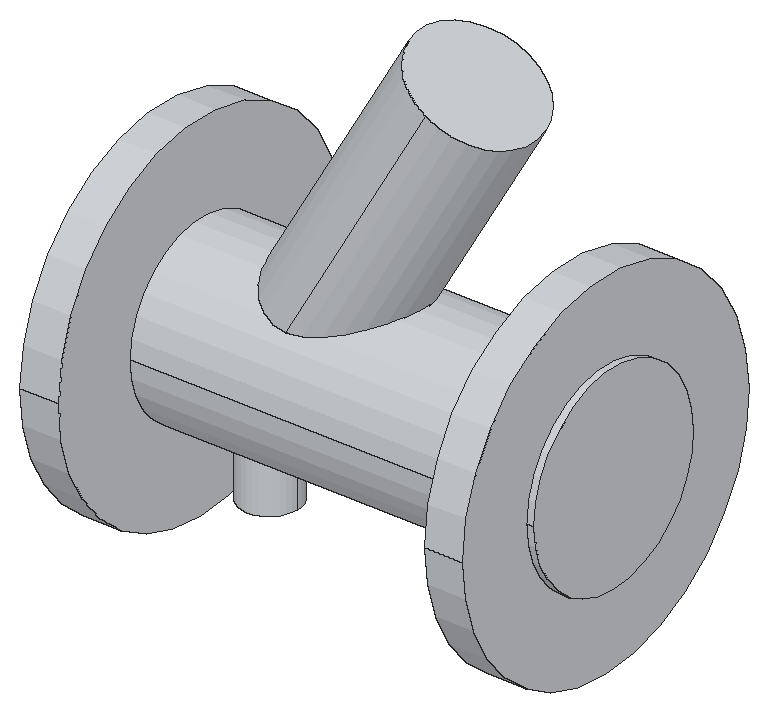
Revit family "HS 821-síto_jemné-PN40-DN032-RFA_2019", category Pipe Accessories, Revit 2019
Family settings
  Round Connector Dimension = Use Diameter
  Part Type = Breaks Into
  Work Plane-Based = No
  Always vertical = Yes
  Cut with Voids When Loaded = No
  Shared = No
Parameters (values of type "821F-DN032-PN40-síto_jemné")
  magiProductId = "165e7f39cf744f329bdf1c400dad12"
  magiProductFamilyId = "79214ac3aaa945e397802f559f5c1e"
  magiPartTypeId = 307
  isMeasuringValve [instance] = no
  ang2D [instance] = 0.00°
  ZB__ve = -ZB  # -23 mm
  ZB1 = 31.59 mm
  ZB = 23 mm
  X2 = 68.849 mm
  X1 = 25.2 mm
  W2D = 15 mm
  VersionID = "2.0/2017.9.26.1/ZETKAMA_821_001"
  Use Minimum Symbol Size [instance] = yes
  URL = "www.hydronic.cz"
  Type Comments = "Filtr přírubový; síto jemné; A-PN16 (-10~300°C); D-PN25 (-10~350°C); F-PN40 (-10~400°C)"
  S = 78 mm
  QmdConnectorList = "301;D;302;D"
  Productdata [instance] = ""
  Manufacturer = "Hydronic Systems Prague s.r.o."
  MC Product Code = "250 632 (821F; DN032; PN40; kvs23,1; oko síta 0,63mm)"
  LM1 = 14.4 mm
  LM = 144 mm
  L4 = 45 mm
  L2D_Min = 3048 mm
  L2D = 130 mm
  L2 = 90 mm
  HH2 = 119.25 mm
  FD = 140 mm
  Description = "Filtr přírubový; síto jemné; 821A-PN16; 821D-PN25; 821F-PN40"
  DM1 = 50.4 mm
  DM = 70.2 mm
  D = 32 mm
  CC = 3.06 mm
  CAT0 = yes
  C1 = 14.94 mm
  C = 18 mm
  BD = 22.113 mm
Types (40, lengths in mm): name | magiProductId | ZB__ve | ZB1 | ZB | X2 | X1 | S | MC Product Code | LM1 | LM | L4 | L2 | HH2 | FD | DM1 | DM | D | CC | C1 | C | BD
  821A-DN015-PN16-síto_jemné | "a71bcfe8b393460598b23e8ddf7dc5" | -16.25 | 18.63 | 16.25 | 46.982 | 18.2 | 46 | "210 115 (821A; DN015; PN16; kvs6,2; oko síta 0,63mm)" | 10.4 | 104 | 32.5 | 65 | 81.375 | 95 | 27.6 | 41.4 | 15 | 2.21 | 10.79 | 13 | 13.041
  821A-DN020-PN16-síto_jemné | "41cd6c7a12924f4991217528336076" | -17.75 | 22.68 | 17.75 | 51.673 | 21 | 56 | "210 120 (821A; DN020; PN16; kvs9,6; oko síta 0,63mm)" | 12 | 120 | 37.5 | 75 | 89.5 | 105 | 33.6 | 50.4 | 20 | 2.55 | 12.45 | 15 | 15.876
  821A-DN025-PN16-síto_jemné | "be378b463ed14c3abf4c9b3ae8cf3a" | -19.25 | 26.325 | 19.25 | 58.601 | 22.4 | 65 | "210 125 (821A; DN025; PN16; kvs14,2; oko síta 0,63mm)" | 12.8 | 128 | 40 | 80 | 101.5 | 115 | 43.2 | 58.5 | 25 | 2.72 | 13.28 | 16 | 18.427
  821A-DN032-PN16-síto_jemné | "227a0d18b21540afabe8b6067d35fa" | -23 | 30.78 | 23 | 68.849 | 25.2 | 76 | "210 132 (821A; DN032; PN16; kvs23,1; oko síta 0,63mm)" | 14.4 | 144 | 45 | 90 | 119.25 | 140 | 50.4 | 68.4 | 32 | 3.06 | 14.94 | 18 | 21.546
  821A-DN040-PN16-síto_jemné | "d106917c74724141a10440112d0102" | -24.5 | 34.02 | 24.5 | 75.777 | 28 | 84 | "210 140 (821A; DN040; PN16; kvs36,6; oko síta 0,63mm)" | 16 | 160 | 50 | 100 | 131.25 | 150 | 60 | 75.6 | 40 | 3.4 | 16.6 | 20 | 23.814
  821A-DN050-PN16-síto_jemné | "8255d456a09e4f6486734f5dd9171b" | -26.75 | 40.095 | 26.75 | 79.061 | 32.2 | 99 | "210 150 (821A; DN050 PN16; kvs53,7; oko síta 0,63mm)" | 18.4 | 184 | 57.5 | 115 | 136.938 | 165 | 73.8 | 89.1 | 50 | 3.91 | 19.09 | 23 | 28.066
  821A-DN065-PN16-síto_jemné | "235b1b3e4c0843779a4d5e3716d40a" | -29.75 | 47.79 | 29.75 | 86.927 | 40.6 | 118 | "210 165 (821A; DN065; PN16; kvs95,1; oko síta 0,63mm)" | 23.2 | 232 | 72.5 | 145 | 150.562 | 185 | 94.2 | 106.2 | 65 | 4.93 | 24.07 | 29 | 33.453
  821A-DN080-PN16-síto_jemné | "a067f7c5236348ed8c820d16df7214" | -32 | 53.46 | 32 | 104.753 | 43.4 | 132 | "210 180 (821A; DN080; PN16; kvs137,1; oko síta 0,63mm)" | 24.8 | 248 | 77.5 | 155 | 181.438 | 200 | 107.4 | 118.8 | 80 | 5.27 | 25.73 | 31 | 37.422
  821A-DN100-PN16-síto_jemné | "c49a648c2747461285837d643703cd" | -35 | 63.18 | 35 | 114.857 | 49 | 156 | "210 190 (821A; DN100; PN16; kvs206,4; oko síta 0,63mm)" | 28 | 280 | 87.5 | 175 | 198.937 | 220 | 131.4 | 140.4 | 100 | 5.95 | 29.05 | 35 | 44.226
  821A-DN125-PN16-síto_jemné | "bf68e728a163493cbd2a663b26ebdc" | -39.5 | 74.52 | 39.5 | 131.888 | 56 | 184 | "210 191 (821A; DN125; PN16; kvs268,8; oko síta 0,63mm)" | 32 | 320 | 100 | 200 | 228.438 | 250 | 165 | 165.6 | 125 | 6.8 | 33.2 | 40 | 52.164
  821A-DN150-PN16-síto_jemné | "2de770284b654863ae6bc865769dc5" | -44.75 | 85.455 | 44.75 | 155.885 | 67.2 | 211 | "210 192 (821A; DN150; PN16; kvs401,4; oko síta 0,63mm)" | 38.4 | 384 | 120 | 240 | 270 | 285 | 192 | 189.9 | 150 | 8.16 | 39.84 | 48 | 59.818
  821A-DN200-PN16-síto_jemné | "8e5693371ab64aabb29a7f08c76e15" | -53 | 107.73 | 53 | 188.361 | 84 | 266 | "210 193 (821A; DN200; PN16; kvs706,7; oko síta 0,63mm)" | 48 | 480 | 150 | 300 | 326.25 | 340 | 252 | 239.4 | 200 | 10.2 | 49.8 | 60 | 75.411
  821A-DN250-PN16-síto_jemné | "05e37ed948c34047acdd4c42556504" | -62.75 | 129.195 | 62.75 | 255.911 | 102.2 | 319 | "210 194 (821A; DN250; PN16; kvs1229,4; oko síta 0,63mm)" | 58.4 | 584 | 182.5 | 365 | 443.25 | 405 | 309.6 | 287.1 | 250 | 12.41 | 60.59 | 73 | 90.436
  821A-DN300-PN16-síto_jemné | "9ad0af747269428da925480d83ce80" | -71 | 149.85 | 71 | 325.914 | 119 | 370 | "210 195 (821A; DN300; PN16; kvs1902,4; oko síta 0,63mm)" | 68 | 680 | 212.5 | 425 | 564.5 | 460 | 369.6 | 333 | 300 | 14.45 | 70.55 | 85 | 104.895
  821A-DN350-PN16-síto_jemné | "eebc71459bb3451bb4355e7951370a" | -80 | 173.745 | 80 | 356.875 | 137.2 | 429 | "200 196 (821A; DN350; PN16; kvs2611,0; oko síta 0,63mm)" | 78.4 | 784 | 245 | 490 | 618.125 | 520 | 438 | 386.1 | 350 | 16.66 | 81.34 | 98 | 121.621
  821A-DN400-PN16-síto_jemné | "d2f677cb196647e385b2590e7d8abe" | -89 | 194.4 | 89 | 392.237 | 154 | 480 | "210 197 (821A; DN400; PN16; kvs3438,4; oko síta 0,63mm)" | 88 | 880 | 275 | 550 | 679.375 | 580 | 498 | 432 | 400 | 18.7 | 91.3 | 110 | 136.08
  821D-DN015-PN25-síto_jemné | "27ddcbf555414f8ca1fde329bf9087" | -16.25 | 18.63 | 16.25 | 46.982 | 18.2 | 46 | "210 215 (821D; DN015; PN25; kvs6,2; oko síta 0,63mm)" | 10.4 | 104 | 32.5 | 65 | 81.375 | 95 | 27.6 | 41.4 | 15 | 2.21 | 10.79 | 13 | 13.041
  821D-DN020-PN25-síto_jemné | "270e0f14012f47189cd0235c18faee" | -17.75 | 22.68 | 17.75 | 51.673 | 21 | 56 | "210 220 (821D; DN020; PN25; kvs9,6; oko síta 0,63mm)" | 12 | 120 | 37.5 | 75 | 89.5 | 105 | 33.6 | 50.4 | 20 | 2.55 | 12.45 | 15 | 15.876
  821D-DN025-PN25-síto_jemné | "b9a7fb4aa36643878c637d8e1ab992" | -19.25 | 26.325 | 19.25 | 58.601 | 22.4 | 65 | "210 225 (821D; DN025; PN25; kvs14,2; oko síta 0,63mm)" | 12.8 | 128 | 40 | 80 | 101.5 | 115 | 43.2 | 58.5 | 25 | 2.72 | 13.28 | 16 | 18.427
  821D-DN032-PN25-síto_jemné | "6be9a55c4e68400f94eec7e804204c" | -23 | 30.78 | 23 | 68.849 | 25.2 | 76 | "210 232 (821D; DN032; PN25; kvs23,1; oko síta 0,63mm)" | 14.4 | 144 | 45 | 90 | 119.25 | 140 | 50.4 | 68.4 | 32 | 3.06 | 14.94 | 18 | 21.546
  821D-DN040-PN25-síto_jemné | "c54511bd7f584ec2984291479612cb" | -24.5 | 34.02 | 24.5 | 75.777 | 28 | 84 | "210 240 (821D; DN040; PN25; kvs36,6; oko síta 0,63mm)" | 16 | 160 | 50 | 100 | 131.25 | 150 | 60 | 75.6 | 40 | 3.4 | 16.6 | 20 | 23.814
  821D-DN050-PN25-síto_jemné | "5483b1f596b04cd39b23a14a22c90e" | -26.75 | 40.095 | 26.75 | 79.061 | 32.2 | 99 | "210 250 (821D; DN050; PN25; kvs53,7; oko síta 0,63mm)" | 18.4 | 184 | 57.5 | 115 | 136.938 | 165 | 73.8 | 89.1 | 50 | 3.91 | 19.09 | 23 | 28.066
  821D-DN065-PN25-síto_jemné | "767b0f8318e94750bc7a9930ed5b30" | -29.75 | 47.79 | 29.75 | 86.927 | 40.6 | 118 | "210 265 (821D; DN065; PN25; kvs95,1; oko síta 0,63mm)" | 23.2 | 232 | 72.5 | 145 | 150.562 | 185 | 94.2 | 106.2 | 65 | 4.93 | 24.07 | 29 | 33.453
  821D-DN080-PN25-síto_jemné | "e21040fa3cc2404b858198f6b73709" | -32 | 53.46 | 32 | 104.753 | 43.4 | 132 | "210 280 (821D; DN080; PN25; kvs137,1; oko síta 0,63mm)" | 24.8 | 248 | 77.5 | 155 | 181.438 | 200 | 107.4 | 118.8 | 80 | 5.27 | 25.73 | 31 | 37.422
  821D-DN100-PN25-síto_jemné | "175ca87a506b40b3bc6b82f12f33cf" | -37.25 | 63.18 | 37.25 | 114.857 | 49 | 156 | "210 290 (821D; DN100; PN25; kvs206,4; oko síta 0,63mm)" | 28 | 280 | 87.5 | 175 | 198.937 | 235 | 131.4 | 140.4 | 100 | 5.95 | 29.05 | 35 | 44.226
  821D-DN125-PN25-síto_jemné | "77cc98d60da24855999a22dff726b2" | -42.5 | 74.52 | 42.5 | 131.888 | 56 | 184 | "210 291 (821D; DN125; PN25; kvs268,8; oko síta 0,63mm)" | 32 | 320 | 100 | 200 | 228.438 | 270 | 165 | 165.6 | 125 | 6.8 | 33.2 | 40 | 52.164
  821D-DN150-PN25-síto_jemné | "9cf8acfcd15547d68e83172d3abcbe" | -47 | 85.455 | 47 | 155.885 | 67.2 | 211 | "210 292 (821D; DN150; PN25; kvs401,4; oko síta 0,63mm)" | 38.4 | 384 | 120 | 240 | 270 | 300 | 192 | 189.9 | 150 | 8.16 | 39.84 | 48 | 59.818
  821D-DN200-PN25-síto_jemné | "16973f3c9ea14389ba8602495a6b64" | -56 | 110.97 | 56 | 188.361 | 84 | 274 | "210 293 (821D; DN200; PN25; kvs706,7; oko síta 0,63mm)" | 48 | 480 | 150 | 300 | 326.25 | 360 | 252 | 246.6 | 200 | 10.2 | 49.8 | 60 | 77.679
  821F-DN015-PN40-síto_jemné | "4c7eaf3c4c0340888b3e684d8a8616" | -16.25 | 18.225 | 16.25 | 46.982 | 18.2 | 45 | "250 615 (821F; DN015; PN40; kvs6,2; oko síta 0,63mm)" | 10.4 | 104 | 32.5 | 65 | 81.375 | 95 | 27.6 | 40.5 | 15 | 2.21 | 10.79 | 13 | 12.757
  821F-DN020-PN40-síto_jemné | "aaac5f1ec96b44d6ba96ac2293d66d" | -17.75 | 23.49 | 17.75 | 51.673 | 21 | 58 | "250 620 (821F; DN020; PN40; kvs9,6; oko síta 0,63mm)" | 12 | 120 | 37.5 | 75 | 89.5 | 105 | 33.6 | 52.2 | 20 | 2.55 | 12.45 | 15 | 16.443
  821F-DN025-PN40-síto_jemné | "504768023968471481789485b54c7e" | -19.25 | 27.54 | 19.25 | 58.601 | 22.4 | 68 | "250 625 (821F; DN025; PN40; kvs14,2; oko síta 0,63mm)" | 12.8 | 128 | 40 | 80 | 101.5 | 115 | 43.2 | 61.2 | 25 | 2.72 | 13.28 | 16 | 19.278
  821F-DN032-PN40-síto_jemné | "165e7f39cf744f329bdf1c400dad12" | -23 | 31.59 | 23 | 68.849 | 25.2 | 78 | "250 632 (821F; DN032; PN40; kvs23,1; oko síta 0,63mm)" | 14.4 | 144 | 45 | 90 | 119.25 | 140 | 50.4 | 70.2 | 32 | 3.06 | 14.94 | 18 | 22.113
  821F-DN040-PN40-síto_jemné | "b8903f952089408fbf3a5a632bab1f" | -24.5 | 35.64 | 24.5 | 75.777 | 28 | 88 | "250 640 (821F; DN040; PN40; kvs36,6; oko síta 0,63mm)" | 16 | 160 | 50 | 100 | 131.25 | 150 | 60 | 79.2 | 40 | 3.4 | 16.6 | 20 | 24.948
  821F-DN050-PN40-síto_jemné | "c451f97266fe48da8f879cb6a2bd44" | -26.75 | 41.31 | 26.75 | 79.061 | 32.2 | 102 | "250 650 (821F; DN050; PN40; kvs53,7; oko síta 0,63mm)" | 18.4 | 184 | 57.5 | 115 | 136.938 | 165 | 73.8 | 91.8 | 50 | 3.91 | 19.09 | 23 | 28.917
  821F-DN065-PN40-síto_jemné | "dc9821e3f9b34e128f6a8c6b34c198" | -29.75 | 49.41 | 29.75 | 86.927 | 40.6 | 122 | "250 665 (821F; DN065; PN40; kvs95,1; oko síta 0,63mm)" | 23.2 | 232 | 72.5 | 145 | 150.562 | 185 | 94.2 | 109.8 | 65 | 4.93 | 24.07 | 29 | 34.587
  821F-DN080-PN40-síto_jemné | "689aa1e260f84cf4994f027a1d86b5" | -32 | 55.89 | 32 | 104.753 | 43.4 | 138 | "250 680 (821F; DN080; PN40; kvs137,1; oko síta 0,63mm)" | 24.8 | 248 | 77.5 | 155 | 181.438 | 200 | 107.4 | 124.2 | 80 | 5.27 | 25.73 | 31 | 39.123
  821F-DN100-PN40-síto_jemné | "8a45d4e8e2ab425f8c432f21d684f3" | -37.25 | 65.61 | 37.25 | 114.857 | 49 | 162 | "250 690 (821F; DN100; PN40; kvs206,4; oko síta 0,63mm)" | 28 | 280 | 87.5 | 175 | 198.937 | 235 | 131.4 | 145.8 | 100 | 5.95 | 29.05 | 35 | 45.927
  821F-DN125-PN40-síto_jemné | "cf073904c006406b8645afa67ea2fc" | -42.5 | 76.14 | 42.5 | 131.888 | 56 | 188 | "250 691 (821F; DN125; PN40; kvs268,8; oko síta 0,63mm)" | 32 | 320 | 100 | 200 | 228.438 | 270 | 165 | 169.2 | 125 | 6.8 | 33.2 | 40 | 53.298
  821F-DN150-PN40-síto_jemné | "0153b9ddabe14992a630484929fdbc" | -47 | 88.29 | 47 | 155.885 | 67.2 | 218 | "250 692 (821F; DN150; PN40; kvs401,4; oko síta 0,63mm)" | 38.4 | 384 | 120 | 240 | 270 | 300 | 192 | 196.2 | 150 | 8.16 | 39.84 | 48 | 61.803
  821F-DN200-PN40-síto_jemné | "7fb3fc01dd8d42428c203e3f8dd4d5" | -56 | 115.425 | 56 | 188.361 | 84 | 285 | "250 693 (821F; DN200; PN40; kvs706,7; oko síta 0,63mm)" | 48 | 480 | 150 | 300 | 326.25 | 360 | 252 | 256.5 | 200 | 10.2 | 49.8 | 60 | 80.797
Reference planes
  plane 1 "Center (Front/Back)": y = 0
  plane 2 "XYPLANE": z = 0
  plane 3 "Center (Left/Right)": x = 0
  plane 4 "109": x = -57.6
  plane 5 "108": x = 72
  plane 6 "107": x = -72
  plane 7 "105": x = 90
  plane 8 "104": x = -90
  plane 9 "103": y = 0
  plane 10 "102": z = 0
  plane 11 "101": x = -86.94
  plane 12 "100": x = 86.94
  plane 13 "11": x = -32.4
  plane 14 "10": z = 119.25
  plane 15 "9": x = 36.449
  plane 16 "5": z = -31.59
  plane 17 "4": x = -45
  plane 18 "1": x = 45
Forms (mm)
  Extrusion 1, solid, visible <- "CAT0"
    sketch origin (-72, -750, 0) x (0, 1, 0) y (0, 0, 1)
      loop
        circle (750, 0) r 35.1
    from 0 to 144 <- "LM"
  Extrusion 2, solid
    sketch origin (-90, -750, 0) x (0, 1, 0) y (0, 0, 1)
      loop
        circle (750, 0) r 39
    from 0 to 3.06 <- "CC"
  Extrusion 3, solid
    sketch origin (-86.94, -750, 0) x (0, 1, 0) y (0, 0, 1)
      loop
        circle (750, 0) r 70
    from 0 to 14.94 <- "C1"
  Extrusion 4, solid
    sketch origin (72, -750, 0) x (0, 1, 0) y (0, 0, 1)
      loop
        circle (750, 0) r 70
    from 0 to 14.94 <- "C1"
  Extrusion 5, solid
    sketch origin (86.94, -750, 0) x (0, 1, 0) y (0, 0, 1)
      loop
        circle (750, 0) r 39
    from 0 to 3.06 <- "CC"
  Sweep 6, solid, visible <- "CAT0"
    path origin (750, 0, 0) x (-1, 0, 0) y (0, 0, 1)
      loop
        line (822, 0) -> (782.4, 0) -> (713.551, 119.25)
    profile origin (-72, 0, 0) x (0, 0, -1) y (0, 1, 0)
      loop
        circle (0, 0) r 25.2
  Extrusion 7, solid, visible <- "CAT0"
    sketch origin (-750, 0, -31.59) x (1, 0, 0) y (0, 1, 0)
      loop
        circle (705, 0) r 11.056
    from 0 to -23 <- "ZB__ve"
  Extrusion 8, solid, visible <- "CAT0"
    sketch origin (-750, 0, -31.59) x (1, 0, 0) y (0, 1, 0)
      loop
        circle (795, 0) r 11.056
    from 0 to -23 <- "ZB__ve"
  Extrusion 9, solid, not visible
    sketch origin (90, -750, 0) x (0, 1, 0) y (0, 0, 1)
      loop
        circle (750, 0) r 10
    from 0 to -10
  Extrusion 10, solid, not visible
    sketch origin (-90, -750, 0) x (0, 1, 0) y (0, 0, 1)
      loop
        circle (750, 0) r 10
    from 0 to 10
Lines and regions (mm)
  reference lines, not visible
    curve 1: circle (2, 2, 0) r 1 normal (0, 0, 1)
Dimensions and locks
  plane 1 "Center (Front/Back)" to curve 1 = 2 mm
  "LM1": plane 6 "107" to plane 4 "109"
  "LM": plane 6 "107" to plane 5 "108"
  "C": plane 8 "104" to plane 6 "107"
  "L2": plane 3 "Center (Left/Right)" to plane 7 "105"
  "L2": plane 3 "Center (Left/Right)" to plane 8 "104"
  locked: plane 1 "Center (Front/Back)" to plane 9 "103"
  locked: plane 2 "XYPLANE" to plane 10 "102"
  "CC": plane 8 "104" to plane 11 "101"
  "C1": plane 5 "108" to plane 12 "100"
  "X1": plane 4 "109" to plane 13 "11"
  "HH2": plane 2 "XYPLANE" to plane 14 "10"
  "X2": plane 13 "11" to plane 15 "9"
  "ZB1": plane 2 "XYPLANE" to plane 16 "5"
  "L4": plane 8 "104" to plane 17 "4"
  "L2": plane 17 "4" to plane 18 "1"
  Sweep 6 sketch curve to Sweep 6 sketch curve = 0 mm  (x2)
  "DM": diameter of Extrusion 1 sketch curve
  "S": diameter of Extrusion 2 sketch curve
  "FD": diameter of Extrusion 3 sketch curve
  "FD": diameter of Extrusion 4 sketch curve
  "S": diameter of Extrusion 5 sketch curve
  "DM1": diameter of Sweep 6 sketch curve
  "BD": diameter of Extrusion 7 sketch curve
  "BD": diameter of Extrusion 8 sketch curve
  aligned and locked: level to plane 2 "XYPLANE"
  aligned and locked: Extrusion 1 sketch curve to plane 9 "103"
  aligned and locked: plane 10 "102" to Extrusion 1 sketch curve
  aligned and locked: Extrusion 2 sketch curve to plane 9 "103"
  aligned and locked: plane 10 "102" to Extrusion 2 sketch curve
  aligned and locked: Extrusion 3 sketch curve to plane 9 "103"
  aligned and locked: plane 10 "102" to Extrusion 3 sketch curve
  aligned and locked: Extrusion 4 sketch curve to plane 9 "103"
  aligned and locked: plane 10 "102" to Extrusion 4 sketch curve
  aligned and locked: Extrusion 5 sketch curve to plane 9 "103"
  aligned and locked: plane 10 "102" to Extrusion 5 sketch curve
  aligned and locked: Sweep 6 sketch curve to plane 9 "103"
  aligned and locked: plane 10 "102" to Sweep 6 sketch curve  (x3)
  aligned and locked: plane 6 "107" to Sweep 6 sketch curve
  aligned and locked: plane 13 "11" to Sweep 6 sketch curve
  aligned and locked: plane 14 "10" to Sweep 6 sketch curve
  aligned and locked: plane 15 "9" to Sweep 6 sketch curve
  aligned and locked: plane 9 "103" to Extrusion 7 sketch curve
  aligned and locked: plane 17 "4" to Extrusion 7 sketch curve
  aligned and locked: plane 9 "103" to Extrusion 8 sketch curve
  aligned and locked: plane 18 "1" to Extrusion 8 sketch curve
  aligned and locked: Extrusion 9 sketch curve to plane 9 "103"
  aligned and locked: plane 10 "102" to Extrusion 9 sketch curve
  aligned and locked: Extrusion 10 sketch curve to plane 9 "103"
  aligned and locked: plane 10 "102" to Extrusion 10 sketch curve
Automatic sketch dimensions
  plane 1 "Center (Front/Back)" to Extrusion 9 sketch curve = 10 mm
  plane 1 "Center (Front/Back)" to Extrusion 10 sketch curve = 10 mm
  plane 3 "Center (Left/Right)" to curve 1 = 2 mm
  radius of curve 1 = 1 mm
Connectors
  piping at (-90, 0, 0), diameter 32, driven by "D"
    settings: on Extrusion 10, index 1, connector inside diameter 609.6 mm, connector length 0 mm, flow factor 0, pipe flow 0.0 L/s, pressure drop 0.0 Pa, fitting loss kfactor 0, connector angle 0.00°, fixture units 0, engagement length 0 mm, angle of deflection 0.00°, flow configuration 0, flow direction 0, fitting loss method 0, system type 29, joint type 0, gender type 0, connector reference index 2, connector utility 0, adjustable connector no, is connector primary yes, connector description ""
  piping at (90, 0, 0), diameter 32, driven by "D"
    settings: on Extrusion 9, index 2, connector inside diameter 609.6 mm, connector length 0 mm, flow factor 0, pipe flow 0.0 L/s, pressure drop 0.0 Pa, fitting loss kfactor 0, connector angle 0.00°, fixture units 0, engagement length 0 mm, angle of deflection 0.00°, flow configuration 0, flow direction 0, fitting loss method 0, system type 29, joint type 0, gender type 0, connector reference index 1, connector utility 0, adjustable connector no, is connector primary no, connector description ""
